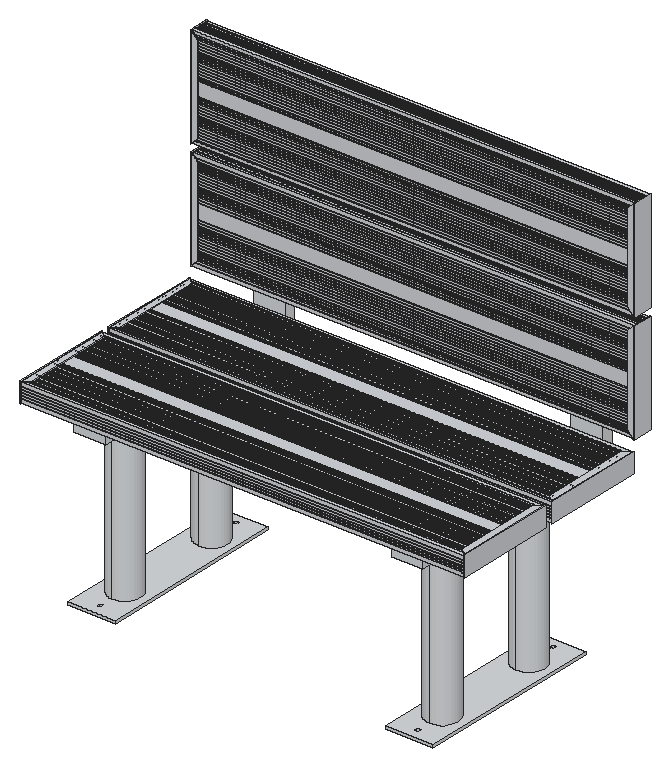
Revit family "Locker_Benches_ADA-Salsbury_Industries-Aluminum_77770_Series", category Specialty Equipment, Revit 2016
Family settings
  Part Type = Normal
  Round Connector Dimension = Use Diameter
  OmniClass Number = 23.40.00.00
  OmniClass Title = Equipment and Furnishings
  Work Plane-Based = No
  Always vertical = Yes
  Cut with Voids When Loaded = No
  Shared = No
  Room Calculation Point = No
Parameters (values of type "77771-ADAB")
  Width = 42.000"
  Vertical Plank Length = Aluminum Bench Plank_77770_Series - Vertical : 42" Wide Plank
  Version = "1.0 (11/16/18)"
  URL = "www.lockers.com"
  Type Comments = "Aluminum ADA Locker Bench with Back Support"
  Secondary Material = Paint - Salsbury Finish - Aluminum
  Seat Height = 18.000"
  Primary Material = Aluminum - Salsbury Finish - Aluminum
  Plank Length = Aluminum Bench Plank_77770_Series : 42" Wide Plank
  Pedestal Top Plate = no
  Pedestal Height Offset = 15.000"
  OmniClass 23 Title = "Equipment and Furnishings"
  OmniClass 23 Number = "23.40.00.00"
  Model = "77771-ADAB"
  MasterFormat Title = "Locker Room Benches"
  MasterFormat Number = "10 51 53"
  Manufacturer = "Salsbury Industries"
  Height = 39.000"
  Description = "Americans with Disabilities Act (ADA) compliant"
  Depth = 23.000"
  Back Support = yes
  Assembly Code = "C1030310"
  ADA Guidelines = "https://www.lockers.com/ada-lockers/"
Reference planes (in)
  plane 1 "Center (Front/Back)": y = 0
  plane 2 "Floor": z = 0
  plane 3 "Center (Left/Right)": x = 0
  plane 4 "Back of Bench": y = -10
  plane 5 "Front Side of Bench": y = 10
  plane 6 "Right Side of Bench": x = 21
  plane 7 "Left Side of Bench": x = -21
  plane 8 "Top of Bench Plank": z = 18
  plane 9 "Bottom of Bench Plank": z = 16.25
  plane 10 "Left Side of Seat Plank": x = -20.937
  plane 11 "Right Side of Seat Plank": x = 20.937
  plane 12: y = -9.937
  plane 13: y = 9.937
  plane 14: x = -20.312
  plane 15: x = 20.312
  plane 16 "Top of Encaps": z = 18.063
  plane 17: y = 9.375
  plane 18: y = -9.375
  plane 19 "Bottom of Endcaps": z = 16.187
  plane 20 "Left Pedestal Center": x = -15
  plane 21 "Right Pedestal Center": x = 15
  plane 22: x = -17.25
  plane 23: x = -12.75
  plane 24: x = 12.75
  plane 25: x = 17.25
  plane 26: y = 9.25
  plane 27: y = -9.25
  plane 28: y = 9
  plane 29: y = -9
  plane 30 "Top of Bottom Pedestal Plate": z = 0.25
  plane 31 "Bottom of Top Pedestal Plate": z = 16
  plane 32: y = -8
  plane 33: y = 8
  plane 34: x = -16.187
  plane 35: x = -13.813
  plane 36: x = 13.813
  plane 37: x = 16.187
  plane 38: x = -16.50135
  plane 39: x = -13.5
  plane 40: x = 13.5
  plane 41: x = 16.5
  plane 42: y = -3.625
  plane 43: y = 3.625
  plane 44: y = -5.125
  plane 45: y = 5.125
  plane 46: y = 13
  plane 47: z = 39
  plane 48: z = 15
  plane 49 "Front of Back Support Pedestal": y = 12
  plane 50: z = 38.25
  plane 51: z = 18.99969
  plane 52 "Pedestal Height Offset Plane": z = 15
  plane 53: y = 6.625
  plane 54: y = -6.625
  plane 55 "Top of Back Support Plank": z = 39
Forms (in)
  Extrusion 1, solid, material "Paint - Salsbury Finish - Aluminum" <- "Secondary Material"
    sketch origin (0, 0, 0) x (1, 0, 0) y (0, 1, 0)
      loop
        line (-17.25, 9) -> (-17.25, -9) -> (-12.75, -9) -> (-12.75, 9) -> (-17.25, 9)
    from 0 to 0.25
  Extrusion 2, solid, material "Paint - Salsbury Finish - Aluminum" <- "Secondary Material", visible <- "Pedestal Top Plate"
    sketch origin (0, 0, 16) x (0, -1, 0) y (1, 0, 0)
      loop
        line (-9.25, -17.25) -> (9.25, -17.25) -> (9.25, -12.75) -> (-9.25, -12.75) -> (-9.25, -17.25)
    from 0 to 0.25
  Extrusion 3, solid, material "Paint - Salsbury Finish - Aluminum" <- "Secondary Material"
    sketch origin (0, 0, 0.25) x (0, -1, 0) y (1, 0, 0)
      loop
        circle (-5.125, -15) r 1.5
      loop
        circle (5.125, -15) r 1.5
    from 0 to 14.75
  Extrusion 4, solid, material "Paint - Salsbury Finish - Aluminum" <- "Secondary Material"
    sketch origin (0, 0, 0) x (-1, 0, 0) y (0, -1, 0)
      loop
        line (-17.25, -9) -> (-12.75, -9) -> (-12.75, 9) -> (-17.25, 9) -> (-17.25, -9)
    from 0 to 0.25
  Extrusion 5, solid, material "Paint - Salsbury Finish - Aluminum" <- "Secondary Material", visible <- "Pedestal Top Plate"
    sketch origin (0, 0, 16) x (0, -1, 0) y (1, 0, 0)
      loop
        line (-9.25, 17.25) -> (-9.25, 12.75) -> (9.25, 12.75) -> (9.25, 17.25) -> (-9.25, 17.25)
    from 0 to 0.25
  Extrusion 6, solid, material "Paint - Salsbury Finish - Aluminum" <- "Secondary Material"
    sketch origin (0, 0, 0.25) x (0, -1, 0) y (1, 0, 0)
      loop
        circle (-5.125, 15) r 1.5
      loop
        circle (5.125, 15) r 1.5
    from 0 to 14.75
  Extrusion 7, void
    sketch origin (0, 0, 0) x (1, 0, 0) y (0, 1, 0)
      loop
        circle (-15, 8) r 0.188
      loop
        circle (-15, -8) r 0.188
    from 0 to 0.25
  Extrusion 8, void
    sketch origin (0, 0, 0) x (-1, 0, 0) y (0, -1, 0)
      loop
        circle (-15, -8) r 0.188
      loop
        circle (-15, 8) r 0.188
    from 0 to 0.25
  Extrusion 9, solid, material "Paint - Salsbury Finish - Aluminum" <- "Secondary Material", visible <- "Back Support"
    sketch origin (15, 0, 0) x (0, -1, 0) y (0, 0, 1)
      loop
        line (9.25, 16.25) -> (-12, 16.25) -> (-12, 38.25) -> (-13, 38.25) -> (-13, 15) -> (9.25, 15) -> (9.25, 16.25)
    from -1.5 to 1.5
  Extrusion 10, solid, material "Paint - Salsbury Finish - Aluminum" <- "Secondary Material", visible <- "Back Support"
    sketch origin (-15, 0, 0) x (0, -1, 0) y (0, 0, -1)
      loop
        line (9.25, -16.25) -> (9.25, -15) -> (-13, -15) -> (-13, -38.25) -> (-12, -38.25) -> (-12, -16.25) -> (9.25, -16.25)
    from -1.50135 to 1.5
Cuts and joins
  Extrusion 7, Extrusion 8 cuts Extrusion 1
  Extrusion 8 cuts Extrusion 4
Lines and regions (in)
  symbolic lines, visible <- "Pedestal Top Plate"
    curve 1: line (-17.25, -0.375, 0) -> (-17.25, 0.375, 0)
    curve 2: line (-12.75, -0.375, 0) -> (-12.75, 0.375, 0)
    curve 5: line (12.75, -0.375, 0) -> (12.75, 0.375, 0)
    curve 6: line (17.25, -0.375, 0) -> (17.25, 0.375, 0)
    curve 27: line (17.25, 12, 16.25) -> (17.25, 12, 16)
    curve 28: line (12.75, 12, 16.25) -> (12.75, 12, 16)
    curve 29: line (12.75, 12, 16) -> (17.25, 12, 16)
    curve 35: line (-17.25, 12, 16) -> (-17.25, 12, 16.25)
    curve 36: line (-12.75, 12, 16) -> (-12.75, 12, 16.25)
    curve 37: line (-17.25, 12, 16) -> (-12.75, 12, 16)
    curve 51: line (15, -9.25, 16) -> (15, -9.25, 16.187)
    curve 52: line (15, -9.25, 16) -> (15, 9.25, 16)
    curve 53: line (15, 9.25, 16.187) -> (15, 9.25, 16)
  symbolic lines, visible <- "Back Support"
    curve 3: line (-16.50135, -0.375, 0) -> (-16.50135, 0.375, 0)
    curve 4: line (-13.5, -0.375, 0) -> (-13.5, 0.375, 0)
    curve 7: line (13.5, -0.375, 0) -> (13.5, 0.375, 0)
    curve 8: line (16.5, -0.375, 0) -> (16.5, 0.375, 0)
    curve 9: line (-16.50135, 13, 0) -> (-16.50135, 12, 0)
    curve 10: line (-13.5, 13, 0) -> (-13.5, 12, 0)
    curve 11: line (-16.50135, 13, 0) -> (-13.5, 13, 0)
    curve 12: line (13.5, 13, 0) -> (13.5, 12, 0)
    curve 13: line (16.5, 13, 0) -> (16.5, 12, 0)
    curve 14: line (13.5, 13, 0) -> (16.5, 13, 0)
    curve 30: line (13.5, 12, 15) -> (13.5, 12, 16.25)
    curve 31: line (16.5, 12, 15) -> (16.5, 12, 16.25)
    curve 32: line (13.5, 12, 15) -> (16.5, 12, 15)
    curve 33: line (16.5, 12, 18) -> (16.5, 12, 18.99969)
    curve 34: line (13.5, 12, 18) -> (13.5, 12, 18.99969)
    curve 38: line (-16.50135, 12, 15) -> (-16.50135, 12, 16.25)
    curve 39: line (-13.5, 12, 15) -> (-13.5, 12, 16.25)
    curve 40: line (-16.50135, 12, 15) -> (-13.5, 12, 15)
    curve 41: line (-16.50135, 12, 18) -> (-16.50135, 12, 18.99969)
    curve 42: line (-13.5, 12, 18) -> (-13.5, 12, 18.99969)
    curve 43: line (16.5, 12, 28.62469) -> (16.5, 12, 29.375)
    curve 44: line (13.5, 12, 28.62469) -> (13.5, 12, 29.375)
    curve 45: line (-16.50135, 12, 28.62469) -> (-16.50135, 12, 29.375)
    curve 46: line (-13.5, 12, 28.62469) -> (-13.5, 12, 29.375)
    curve 54: line (15, -9.25, 16.1756) -> (15, -9.25, 15)
    curve 55: line (15, -9.25, 15) -> (15, 13, 15)
    curve 56: line (15, 13, 15) -> (15, 13, 38.25)
    curve 57: line (15, 13, 38.25) -> (15, 12, 38.25)
    curve 58: line (15, 12, 29.375) -> (15, 12, 28.62469)
    curve 59: line (15, 12, 18.99969) -> (15, 12, 16.25)
    curve 60: line (15, 12, 16.25) -> (15, 10, 16.25)
  symbolic lines
    curve 15: line (-17.25, 12, 0.25) -> (-12.75, 12, 0.25)
    curve 16: line (-17.25, 12, 0) -> (-17.25, 12, 0.25)
    curve 17: line (-12.75, 12, 0) -> (-17.25, 12, 0)
    curve 18: line (-12.75, 12, 0.25) -> (-12.75, 12, 0)
    curve 19: line (12.75, 12, 0.25) -> (17.25, 12, 0.25)
    curve 20: line (12.75, 12, 0) -> (12.75, 12, 0.25)
    curve 21: line (17.25, 12, 0) -> (12.75, 12, 0)
    curve 22: line (17.25, 12, 0.25) -> (17.25, 12, 0)
    curve 23: line (-16.50135, 12, 0.25) -> (-16.50135, 12, 15)
    curve 24: line (-13.5, 12, 0.25) -> (-13.5, 12, 15)
    curve 25: line (13.5, 12, 0.25) -> (13.5, 12, 15)
    curve 26: line (16.5, 12, 0.25) -> (16.5, 12, 15)
    curve 47: line (15, -6.625, 0.25) -> (15, -6.625, 15)
    curve 48: line (15, -3.625, 0.25) -> (15, -3.625, 15)
    curve 49: line (15, 3.625, 0.25) -> (15, 3.625, 15)
    curve 50: line (15, 6.625, 0.25) -> (15, 6.625, 15)
    curve 61: line (15, 0.375, 16.187) -> (15, -0.375, 16.187)
Dimensions and locks (in)
  equal spacing: plane 7 "Left Side of Bench", plane 3 "Center (Left/Right)", plane 6 "Right Side of Bench"
  "Width": plane 7 "Left Side of Bench" to plane 6 "Right Side of Bench"
  equal spacing: plane 4 "Back of Bench", plane 1 "Center (Front/Back)", plane 5 "Front Side of Bench"
  "Depth": plane 4 "Back of Bench" to plane 46
  "Seat Height": plane 8 "Top of Bench Plank" to plane 2 "Floor"
  plane 9 "Bottom of Bench Plank" to plane 8 "Top of Bench Plank" to plane 51 = 1.750" locked, 0.99969" locked
  locked: plane 7 "Left Side of Bench" to plane 10 "Left Side of Seat Plank" at 0.063
  locked: plane 11 "Right Side of Seat Plank" to plane 6 "Right Side of Bench" at 0.063
  locked: plane 4 "Back of Bench" to plane 12 at 0.063
  locked: plane 13 to plane 5 "Front Side of Bench" at 0.063
  locked: plane 7 "Left Side of Bench" to plane 14 at 0.688
  locked: plane 15 to plane 6 "Right Side of Bench" at 0.688
  locked: plane 8 "Top of Bench Plank" to plane 16 "Top of Encaps" at 0.063
  locked: plane 17 to plane 5 "Front Side of Bench" at 0.625
  locked: plane 4 "Back of Bench" to plane 18 at 0.625
  locked: plane 9 "Bottom of Bench Plank" to plane 19 "Bottom of Endcaps" at 0.063
  plane 7 "Left Side of Bench" to plane 20 "Left Pedestal Center" = 6.000"
  plane 21 "Right Pedestal Center" to plane 6 "Right Side of Bench" = 6.000"
  plane 24 to plane 21 "Right Pedestal Center" to plane 25 = 2.250" locked, 2.250" locked
  plane 22 to plane 20 "Left Pedestal Center" to plane 23 = 2.250" locked, 2.250" locked
  plane 27 to plane 1 "Center (Front/Back)" to plane 26 = 9.250" locked, 9.250" locked
  plane 29 to plane 1 "Center (Front/Back)" to plane 28 = 9.000" locked, 9.000" locked
  locked: plane 30 "Top of Bottom Pedestal Plate" to plane 2 "Floor" at 0.25
  locked: plane 9 "Bottom of Bench Plank" to plane 31 "Bottom of Top Pedestal Plate" at 0.25
  locked: plane 33 to plane 28 at 1
  locked: plane 29 to plane 32 at 1
  locked: plane 22 to plane 34 at 1.063
  locked: plane 35 to plane 23 at 1.063
  locked: plane 24 to plane 36 at 1.063
  locked: plane 37 to plane 25 at 1.063
  locked: plane 22 to plane 38 at 0.74865
  locked: plane 39 to plane 23 at 0.75
  locked: plane 24 to plane 40 at 0.75
  locked: plane 41 to plane 25 at 0.75
  locked: plane 45 to plane 28 at 3.875
  locked: plane 29 to plane 44 at 3.875
  "Height": plane 47 to plane 2 "Floor"
  plane 40 to plane 41 = 3.000"
  plane 38 to plane 39 = 3.00135"
  plane 49 "Front of Back Support Pedestal" to plane 46 = 1.000"
  locked: plane 48 to plane 31 "Bottom of Top Pedestal Plate" at 1
  "Pedestal Height Offset": plane 52 "Pedestal Height Offset Plane" to plane 2 "Floor"
  plane 54 to plane 44 to plane 42 = 1.500", 1.500"
  plane 43 to plane 45 to plane 53 = 1.500", 1.500"
  locked: plane 50 to plane 55 "Top of Back Support Plank" at 0.75
  aligned and locked: plane 2 "Floor" to level
  aligned and locked: plane 28 to Extrusion 1 sketch curve
  aligned and locked: Extrusion 1 sketch curve to plane 22
  aligned and locked: Extrusion 1 sketch curve to plane 29
  aligned and locked: plane 23 to Extrusion 1 sketch curve
  aligned and locked: Extrusion 1 to plane 30 "Top of Bottom Pedestal Plate"
  aligned and locked: Extrusion 1 to plane 2 "Floor"
  aligned and locked: Extrusion 2 sketch curve to plane 26
  aligned and locked: plane 22 to Extrusion 2 sketch curve
  aligned and locked: plane 27 to Extrusion 2 sketch curve
  aligned and locked: Extrusion 2 sketch curve to plane 23
  aligned and locked: plane 31 "Bottom of Top Pedestal Plate" to Extrusion 2
  aligned and locked: Extrusion 2 to plane 9 "Bottom of Bench Plank"
  aligned and locked: plane 20 "Left Pedestal Center" to Extrusion 3 sketch curve  (x2)
  aligned and locked: plane 30 "Top of Bottom Pedestal Plate" to Extrusion 3
  aligned and locked: Extrusion 4 sketch curve to plane 28
  aligned and locked: plane 24 to Extrusion 4 sketch curve
  aligned and locked: Extrusion 4 sketch curve to plane 25
  aligned and locked: plane 29 to Extrusion 4 sketch curve
  aligned and locked: Extrusion 4 to plane 2 "Floor"
  aligned and locked: plane 24 to Extrusion 5 sketch curve
  aligned and locked: Extrusion 5 sketch curve to plane 26
  aligned and locked: plane 27 to Extrusion 5 sketch curve
  aligned and locked: Extrusion 5 sketch curve to plane 25
  aligned and locked: Extrusion 5 to plane 9 "Bottom of Bench Plank"
  aligned and locked: plane 31 "Bottom of Top Pedestal Plate" to Extrusion 5
  aligned and locked: plane 21 "Right Pedestal Center" to Extrusion 6 sketch curve  (x2)
  aligned and locked: plane 33 to Extrusion 7 sketch curve
  aligned and locked: plane 32 to Extrusion 7 sketch curve
  aligned and locked: Extrusion 7 to plane 30 "Top of Bottom Pedestal Plate"
  aligned and locked: Extrusion 7 to plane 2 "Floor"
  aligned and locked: Extrusion 8 to plane 2 "Floor"
  aligned and locked: Extrusion 8 to plane 30 "Top of Bottom Pedestal Plate"
  aligned and locked: plane 33 to Extrusion 8 sketch curve
  aligned and locked: plane 32 to Extrusion 8 sketch curve
  aligned and locked: plane 30 "Top of Bottom Pedestal Plate" to Extrusion 6
  aligned and locked: plane 20 "Left Pedestal Center" to Extrusion 7 sketch curve  (x2)
  aligned and locked: plane 21 "Right Pedestal Center" to Extrusion 8 sketch curve  (x2)
  aligned and locked: plane 45 to Extrusion 3 sketch curve
  aligned and locked: plane 44 to Extrusion 3 sketch curve
  aligned and locked: plane 45 to Extrusion 6 sketch curve
  aligned and locked: plane 44 to Extrusion 6 sketch curve
  aligned and locked: plane 4 "Back of Bench" to nested 1
  aligned and locked: plane 7 "Left Side of Bench" to nested 1
  aligned and locked: plane 7 "Left Side of Bench" to nested 2
  aligned and locked: plane 5 "Front Side of Bench" to nested 2
  aligned and locked: Extrusion 9 to plane 41
  aligned and locked: plane 40 to Extrusion 9
  aligned and locked: plane 9 "Bottom of Bench Plank" to Extrusion 9 sketch curve
  aligned and locked: plane 27 to Extrusion 9 sketch curve
  aligned and locked: plane 48 to Extrusion 9 sketch curve
  aligned and locked: Extrusion 9 sketch curve to plane 50
  aligned and locked: Extrusion 9 sketch curve to plane 49 "Front of Back Support Pedestal"
  aligned and locked: Extrusion 9 sketch curve to plane 46
  aligned and locked: Extrusion 10 to plane 39
  aligned and locked: plane 38 to Extrusion 10
  aligned and locked: Extrusion 10 sketch curve to plane 50
  aligned and locked: Extrusion 10 sketch curve to plane 49 "Front of Back Support Pedestal"
  aligned and locked: Extrusion 10 sketch curve to plane 46
  aligned and locked: plane 27 to Extrusion 10 sketch curve
  aligned and locked: plane 48 to Extrusion 10 sketch curve
  aligned and locked: plane 9 "Bottom of Bench Plank" to Extrusion 10 sketch curve
  aligned and locked: nested 2 to plane 16 "Top of Encaps"
  aligned and locked: nested 1 to plane 16 "Top of Encaps"
  aligned and locked: plane 49 "Front of Back Support Pedestal" to nested 3
  aligned and locked: plane 49 "Front of Back Support Pedestal" to nested 4
  aligned and locked: nested 4 to plane 51
  aligned and locked: curve 1 to plane 22
  aligned and locked: curve 2 to plane 23
  aligned and locked: curve 3 to plane 38
  aligned and locked: curve 4 to plane 39
  aligned and locked: curve 5 to plane 24
  aligned and locked: curve 6 to plane 25
  aligned and locked: curve 7 to plane 40
  aligned and locked: curve 8 to plane 41
  aligned and locked: plane 46 to curve 9
  aligned and locked: plane 49 "Front of Back Support Pedestal" to curve 9
  aligned and locked: plane 46 to curve 10
  aligned and locked: plane 49 "Front of Back Support Pedestal" to curve 10
  aligned and locked: plane 38 to curve 9
  aligned and locked: plane 39 to curve 10
  aligned and locked: plane 46 to curve 12
  aligned and locked: plane 49 "Front of Back Support Pedestal" to curve 12
  aligned and locked: plane 46 to curve 13
  aligned and locked: plane 49 "Front of Back Support Pedestal" to curve 13
  aligned and locked: plane 41 to curve 13
  aligned and locked: plane 40 to curve 12
  aligned and locked: plane 2 "Floor" to curve 17
  aligned and locked: plane 23 to curve 18
  aligned and locked: curve 16 to plane 22
  aligned and locked: plane 30 "Top of Bottom Pedestal Plate" to curve 15
  aligned and locked: plane 2 "Floor" to curve 21
  aligned and locked: plane 25 to curve 22
  aligned and locked: curve 20 to plane 24
  aligned and locked: plane 30 "Top of Bottom Pedestal Plate" to curve 19
  aligned and locked: Extrusion 3 to plane 52 "Pedestal Height Offset Plane"
  aligned and locked: Extrusion 6 to plane 52 "Pedestal Height Offset Plane"
  aligned and locked: plane 30 "Top of Bottom Pedestal Plate" to curve 23
  aligned and locked: plane 52 "Pedestal Height Offset Plane" to curve 23
  aligned and locked: plane 52 "Pedestal Height Offset Plane" to curve 24
  aligned and locked: curve 23 to plane 38
  aligned and locked: curve 24 to plane 39
  aligned and locked: plane 30 "Top of Bottom Pedestal Plate" to curve 25
  aligned and locked: plane 52 "Pedestal Height Offset Plane" to curve 25
  aligned and locked: plane 52 "Pedestal Height Offset Plane" to curve 26
  aligned and locked: curve 25 to plane 40
  aligned and locked: curve 26 to plane 41
  aligned and locked: plane 9 "Bottom of Bench Plank" to curve 27
  aligned and locked: plane 31 "Bottom of Top Pedestal Plate" to curve 27
  aligned and locked: plane 9 "Bottom of Bench Plank" to curve 28
  aligned and locked: plane 24 to curve 28
  aligned and locked: plane 25 to curve 27
  aligned and locked: curve 29 to Extrusion 5
  aligned and locked: plane 48 to curve 30
  aligned and locked: plane 9 "Bottom of Bench Plank" to curve 30
  aligned and locked: plane 48 to curve 31
  aligned and locked: plane 9 "Bottom of Bench Plank" to curve 31
  aligned and locked: curve 31 to plane 41
  aligned and locked: curve 30 to plane 40
  aligned and locked: plane 8 "Top of Bench Plank" to curve 33
  aligned and locked: plane 51 to curve 33
  aligned and locked: plane 8 "Top of Bench Plank" to curve 34
  aligned and locked: plane 51 to curve 34
  aligned and locked: curve 34 to plane 40
  aligned and locked: curve 33 to plane 41
  aligned and locked: plane 9 "Bottom of Bench Plank" to curve 35
  aligned and locked: plane 31 "Bottom of Top Pedestal Plate" to curve 36
  aligned and locked: plane 9 "Bottom of Bench Plank" to curve 36
  aligned and locked: curve 35 to plane 22
  aligned and locked: curve 36 to plane 23
  aligned and locked: curve 37 to Extrusion 2
  aligned and locked: plane 48 to curve 38
  aligned and locked: plane 9 "Bottom of Bench Plank" to curve 38
  aligned and locked: plane 48 to curve 39
  aligned and locked: plane 9 "Bottom of Bench Plank" to curve 39
  aligned and locked: curve 39 to plane 39
  aligned and locked: curve 38 to plane 38
  aligned and locked: plane 8 "Top of Bench Plank" to curve 41
  aligned and locked: plane 51 to curve 41
  aligned and locked: plane 8 "Top of Bench Plank" to curve 42
  aligned and locked: plane 51 to curve 42
  aligned and locked: curve 42 to plane 39
  aligned and locked: curve 41 to plane 38
  aligned and locked: plane 40 to curve 44
  aligned and locked: plane 41 to curve 43
  aligned and locked: plane 38 to curve 45
  aligned and locked: plane 39 to curve 46
  aligned and locked: plane 30 "Top of Bottom Pedestal Plate" to curve 47
  aligned and locked: plane 52 "Pedestal Height Offset Plane" to curve 47
  aligned and locked: plane 30 "Top of Bottom Pedestal Plate" to curve 48
  aligned and locked: plane 52 "Pedestal Height Offset Plane" to curve 48
  aligned and locked: plane 30 "Top of Bottom Pedestal Plate" to curve 49
  aligned and locked: plane 52 "Pedestal Height Offset Plane" to curve 49
  aligned and locked: plane 30 "Top of Bottom Pedestal Plate" to curve 50
  aligned and locked: plane 52 "Pedestal Height Offset Plane" to curve 50
  aligned and locked: curve 50 to plane 53
  aligned and locked: curve 49 to plane 43
  aligned and locked: curve 48 to plane 42
  aligned and locked: curve 47 to plane 54
  aligned and locked: plane 31 "Bottom of Top Pedestal Plate" to curve 51
  aligned and locked: plane 19 "Bottom of Endcaps" to curve 51
  aligned and locked: plane 26 to curve 53
  aligned and locked: plane 31 "Bottom of Top Pedestal Plate" to curve 53
  aligned and locked: curve 53 to plane 19 "Bottom of Endcaps"
  aligned and locked: plane 27 to curve 54
  aligned and locked: plane 27 to curve 55
  aligned and locked: plane 48 to curve 55
  aligned and locked: curve 56 to Extrusion 9
  aligned and locked: curve 57 to Extrusion 9
  aligned and locked: plane 49 "Front of Back Support Pedestal" to curve 58
  aligned and locked: nested 4 to curve 59
  aligned and locked: curve 60 to Extrusion 9
  aligned and locked: plane 19 "Bottom of Endcaps" to curve 61
  aligned and locked: plane 55 "Top of Back Support Plank" to nested 3
Automatic sketch dimensions
  curve 4 to plane 1 "Center (Front/Back)" = 0.375"
  curve 8 to plane 1 "Center (Front/Back)" = 0.375"
  curve 1 to plane 1 "Center (Front/Back)" = 0.375"
  curve 7 to plane 1 "Center (Front/Back)" = 0.375"
  curve 2 to plane 1 "Center (Front/Back)" = 0.375"
  curve 6 to plane 1 "Center (Front/Back)" = 0.375"
  curve 3 to plane 1 "Center (Front/Back)" = 0.375"
  curve 5 to plane 1 "Center (Front/Back)" = 0.375"
  plane 1 "Center (Front/Back)" to curve 5 = 0.375"
  plane 1 "Center (Front/Back)" to curve 4 = 0.375"
  plane 1 "Center (Front/Back)" to curve 6 = 0.375"
  plane 1 "Center (Front/Back)" to curve 3 = 0.375"
  plane 1 "Center (Front/Back)" to curve 7 = 0.375"
  plane 1 "Center (Front/Back)" to curve 2 = 0.375"
  plane 1 "Center (Front/Back)" to curve 8 = 0.375"
  plane 1 "Center (Front/Back)" to curve 1 = 0.375"
  curve 46 to plane 51 = 9.625"
  curve 43 to curve 33 = 9.625"
  curve 45 to curve 46 = 0.000"
  curve 44 to curve 43 = 0.000"
  curve 46 to curve 46 = 0.75031"
  curve 44 to curve 44 = 0.75031"
  curve 45 to curve 45 = 0.75031"
  curve 43 to curve 43 = 0.75031"
  curve 57 to plane 49 "Front of Back Support Pedestal" = 0.000"
  curve 60 to plane 5 "Front Side of Bench" = 0.000"
  curve 52 to plane 27 = 0.000"
  plane 51 to curve 59 = 0.000"
  curve 61 to plane 1 "Center (Front/Back)" = 0.375"
  plane 1 "Center (Front/Back)" to curve 61 = 0.375"
  curve 54 to curve 51 = 0.0114"
  curve 58 to plane 51 = 9.625"
  curve 58 to curve 58 = 0.75031"
  radius of Extrusion 3 sketch curve = 1.500"  (x2)
  radius of Extrusion 6 sketch curve = 1.500"  (x2)
  radius of Extrusion 7 sketch curve = 0.188"  (x2)
  radius of Extrusion 8 sketch curve = 0.188"  (x2)
Nested families (in)
  nested 1: "Aluminum Bench Plank_77770_Series" at (0, -5.1875, 16.187), type <- "Plank Length", type "42" Wide Plank"
  nested 2: "Aluminum Bench Plank_77770_Series" at (0, 5.1875, 16.187), type <- "Plank Length", type "42" Wide Plank"
  nested 3: "Aluminum Bench Plank_77770_Series - Vertical" at (0, 11.05008, 27.71731), visible <- "Back Support", type <- "Vertical Plank Length", type "42" Wide Plank"
  nested 4: "Aluminum Bench Plank_77770_Series - Vertical" at (0, 11.05008, 17.342), visible <- "Back Support", type <- "Vertical Plank Length", type "42" Wide Plank"
Definition of nested family "Aluminum Bench Plank_77770_Series"
  Parameters (values of type "48" Wide Plank")
    Width = 48.000"
    Version = "1.0 (11/16/18)"
    URL = "www.lockers.com"
    Type Comments = "Aluminum Locker Bench Plank"
    Secondary Material = none
    Primary Material = none
    OmniClass 23 Title = "Equipment and Furnishings"
    OmniClass 23 Number = "23.40.00.00"
    Model = ""
    MasterFormat Title = "Locker Room Benches"
    MasterFormat Number = "10 51 53"
    Manufacturer = "Salsbury Industries"
    Description = "48 Inches Wide"
    Depth = 9.625"
    Assembly Code = "C1030310"
  Types (2): name | Width | Description
    42" Wide Plank | 42.000" | "42 Inches Wide"
    48" Wide Plank | 48.000" | "48 Inches Wide"
  Reference planes (in)
    plane 1 "Center (Front/Back)": y = 0
    plane 2 "Floor": z = 0
    plane 3 "Center (Left/Right)": x = 0
    plane 4 "Back of Bench": y = -4.8125
    plane 5 "Front Side of Bench": y = 4.8125
    plane 6 "Right Side of Bench": x = 24
    plane 7 "Left Side of Bench": x = -24
    plane 8 "Top of Bench": z = 1.813
    plane 9: z = 0.063
    plane 10: y = -0.656
    plane 11: y = 0.656
    plane 12: y = -4.5
    plane 13: y = 4.5
    plane 14: y = -4.2349
    plane 15: z = 1.7505
    plane 16: y = -4.10234
    plane 17: y = -3.96979
    plane 18: y = -3.83724
    plane 19: y = -3.70469
    plane 20: y = -3.57214
    plane 21: y = -3.43959
    plane 22: y = -3.30703
    plane 23: y = -3.17448
    plane 24: y = -3.04193
    plane 25: y = -2.90938
    plane 26: y = -2.77683
    plane 27: y = -2.64428
    plane 28: y = -2.51172
    plane 29: y = -2.37917
    plane 30: y = -2.24662
    plane 31: y = -2.11407
    plane 32: y = -1.98152
    plane 33: y = -1.84897
    plane 34: y = -1.71641
    plane 35: y = -1.58386
    plane 36: y = -1.45131
    plane 37: y = -1.31876
    plane 38: y = -1.18621
    plane 39: y = -1.05366
    plane 40: y = -0.9211
    plane 41: y = 1.05366
    plane 42: y = 1.18621
    plane 43: y = 1.31876
    plane 44: y = 1.45131
    plane 45: y = 1.58386
    plane 46: y = 1.71641
    plane 47: y = 1.84897
    plane 48: y = 1.98152
    plane 49: y = 2.11407
    plane 50: y = 2.24662
    plane 51: y = 2.37917
    plane 52: y = 2.51172
    plane 53: y = 2.64428
    plane 54: y = 2.77683
    plane 55: y = 2.90938
    plane 56: y = 3.04193
    plane 57: y = 3.17448
    plane 58: y = 3.30703
    plane 59: y = 3.43959
    plane 60: y = 3.57214
    plane 61: y = 3.70469
    plane 62: y = 3.83724
    plane 63: y = 3.96979
    plane 64: y = 4.10234
    plane 65: y = 4.2349
    plane 66: y = 4.36745
    plane 67 "Left Side of Seat Plank": x = -23.937
    plane 68 "Right Side of Seat Plank": x = 23.937
    plane 69: z = 1.5
    plane 70: z = 1.37511
    plane 71: z = 1.25022
    plane 72: z = 1.12533
    plane 73: z = 1.00044
    plane 74: z = 0.87556
    plane 75: z = 0.75067
    plane 76: z = 0.62578
    plane 77: z = 0.376
    plane 78: y = -4.7495
    plane 79: y = 4.7495
    plane 80: z = 0.50089
    plane 81: y = -0.78855
    plane 82: y = 0.9211
    plane 83: y = 0.78855
    plane 84: y = -4.36745
    plane 85: x = -23.312
    plane 86: x = 23.312
    plane 87 "Top of Encaps": z = 1.876
    plane 88: y = 4.1875
    plane 89: y = -4.1875
    plane 90 "Bottom of Endcaps": z = 0
    plane 91 "Left Pedestal Center": x = -18
    plane 92 "Right Pedestal Center": x = 18
    plane 93: x = -20.25
    plane 94: x = -15.75
    plane 95: x = 15.75
    plane 96: x = 20.25
    plane 97: y = 4.25
    plane 98: y = -4.25
    plane 99: y = 5.5
    plane 100: y = -5.5
    plane 101: y = -4
    plane 102: y = 4
    plane 103: x = -19.187
    plane 104: x = -16.813
    plane 105: x = 16.813
    plane 106: x = 19.187
    plane 107: x = -19.50135
    plane 108: x = -16.5
    plane 109: x = 16.5
    plane 110: x = 19.5
    plane 111: y = -1.49831
    plane 112: y = 1.5
  Forms (in)
    Extrusion 1, solid, material <- "Primary Material"
      sketch origin (0, 0, -16.187) x (0, 1, 0) y (0, 0, 1)
        loop
          line (-4.8125, 18) -> (-4.8125, 17.687) -> (-4.7495, 17.687) -> (-4.7495, 17.56211) -> (-4.8125, 17.56211) -> (-4.8125, 17.43722) -> (-4.7495, 17.43722) -> (-4.7495, 17.31233) -> (-4.8125, 17.31233) -> (-4.8125, 17.18744) -> (-4.7495, 17.18744) -> (-4.7495, 17.06256) -> (-4.8125, 17.06256) -> (-4.8125, 16.93767) -> (-4.7495, 16.93767) -> (-4.7495, 16.81278) -> (-4.8125, 16.81278) -> (-4.8125, 16.68789) -> (-4.7495, 16.68789) -> (-4.7495, 16.563) -> (-4.8125, 16.563) -> (-4.8125, 16.25) -> (4.8125, 16.25) -> (4.8125, 16.563) -> (4.7495, 16.563) -> (4.7495, 16.68789) -> (4.8125, 16.68789) -> (4.8125, 16.81278) -> (4.7495, 16.81278) -> (4.7495, 16.93767) -> (4.8125, 16.93767) -> (4.8125, 17.06256) -> (4.7495, 17.06256) -> (4.7495, 17.18744) -> (4.8125, 17.18744) -> (4.8125, 17.31233) -> (4.7495, 17.31233) -> (4.7495, 17.43722) -> (4.8125, 17.43722) -> (4.8125, 17.56211) -> (4.7495, 17.56211) -> (4.7495, 17.687) -> (4.8125, 17.687) -> (4.8125, 18) -> (4.5, 18) -> (4.5, 17.9375) -> (4.36745, 17.9375) -> (4.36745, 18) -> (4.2349, 18) -> (4.2349, 17.9375) -> (4.10234, 17.9375) -> (4.10234, 18) -> (3.96979, 18) -> (3.96979, 17.9375) -> (3.83724, 17.9375) -> (3.83724, 18) -> (3.70469, 18) -> (3.70469, 17.9375) -> (3.57214, 17.9375) -> (3.57214, 18) -> (3.43959, 18) -> (3.43959, 17.9375) -> (3.30703, 17.9375) -> (3.30703, 18) -> (3.17448, 18) -> (3.17448, 17.9375) -> (3.04193, 17.9375) -> (3.04193, 18) -> (2.90938, 18) -> (2.90938, 17.9375) -> (2.77683, 17.9375) -> (2.77683, 18) -> (2.64428, 18) -> (2.64428, 17.9375) -> (2.51172, 17.9375) -> (2.51172, 18) -> (2.37917, 18) -> (2.37917, 17.9375) -> (2.24662, 17.9375) -> (2.24662, 18) -> (2.11407, 18) -> (2.11407, 17.9375) -> (1.98152, 17.9375) -> (1.98152, 18) -> (1.84897, 18) -> (1.84897, 17.9375) -> (1.71641, 17.9375) -> (1.71641, 18) -> (1.58386, 18) -> (1.58386, 17.9375) -> (1.45131, 17.9375) -> (1.45131, 18) -> (1.31876, 18) -> (1.31876, 17.9375) -> (1.18621, 17.9375) -> (1.18621, 18) -> (1.05366, 18) -> (1.05366, 17.9375) -> (0.9211, 17.9375) -> (0.9211, 18) -> (0.78855, 18) -> (0.78855, 17.9375) -> (0.656, 17.9375) -> (0.656, 18) -> (-0.656, 18) -> (-0.656, 17.9375) -> (-0.78855, 17.9375) -> (-0.78855, 18) -> (-0.9211, 18) -> (-0.9211, 17.9375) -> (-1.05366, 17.9375) -> (-1.05366, 18) -> (-1.18621, 18) -> (-1.18621, 17.9375) -> (-1.31876, 17.9375) -> (-1.31876, 18) -> (-1.45131, 18) -> (-1.45131, 17.9375) -> (-1.58386, 17.9375) -> (-1.58386, 18) -> (-1.71641, 18) -> (-1.71641, 17.9375) -> (-1.84897, 17.9375) -> (-1.84897, 18) -> (-1.98152, 18) -> (-1.98152, 17.9375) -> (-2.11407, 17.9375) -> (-2.11407, 18) -> (-2.24662, 18) -> (-2.24662, 17.9375) -> (-2.37917, 17.9375) -> (-2.37917, 18) -> (-2.51172, 18) -> (-2.51172, 17.9375) -> (-2.64428, 17.9375) -> (-2.64428, 18) -> (-2.77683, 18) -> (-2.77683, 17.9375) -> (-2.90938, 17.9375) -> (-2.90938, 18) -> (-3.04193, 18) -> (-3.04193, 17.9375) -> (-3.17448, 17.9375) -> (-3.17448, 18) -> (-3.30703, 18) -> (-3.30703, 17.9375) -> (-3.43959, 17.9375) -> (-3.43959, 18) -> (-3.57214, 18) -> (-3.57214, 17.9375) -> (-3.70469, 17.9375) -> (-3.70469, 18) -> (-3.83724, 18) -> (-3.83724, 17.9375) -> (-3.96979, 17.9375) -> (-3.96979, 18) -> (-4.10234, 18) -> (-4.10234, 17.9375) -> (-4.2349, 17.9375) -> (-4.2349, 18) -> (-4.36745, 18) -> (-4.36745, 17.9375) -> (-4.5, 17.9375) -> (-4.5, 18) -> (-4.8125, 18)
      from -23.937 to 23.937
    Extrusion 2, solid, material <- "Primary Material"
      sketch origin (-24, 0, -16.187) x (0, -1, 0) y (0, 0, 1)
        loop
          line (4.8125, 18.063) -> (-4.8125, 18.063) -> (-4.8125, 16.187) -> (4.8125, 16.187) -> (4.8125, 18.063)
      from 0 to -0.063
    Extrusion 3, solid, material <- "Primary Material"
      sketch origin (24, 0, -16.187) x (0, -1, 0) y (0, 0, 1)
        loop
          line (4.8125, 18.063) -> (-4.8125, 18.063) -> (-4.8125, 16.187) -> (4.8125, 16.187) -> (4.8125, 18.063)
      from 0 to 0.063
    Extrusion 4, solid, material <- "Primary Material"
      sketch origin (0, 0, 1.876) x (0, -1, 0) y (1, 0, 0)
        loop
          line (-4.8125, -23.937) -> (4.8125, -23.937) -> (4.1875, -23.312) -> (-4.1875, -23.312) -> (-4.8125, -23.937)
      from 0 to -0.063
    Extrusion 5, solid, material <- "Primary Material", detail levels fine
      sketch origin (0, 0, 0) x (0, -1, 0) y (1, 0, 0)
        loop
          line (-4.8125, -23.937) -> (4.8125, -23.937) -> (4.1875, -23.312) -> (-4.1875, -23.312) -> (-4.8125, -23.937)
      from 0.063 to 0
    Extrusion 6, solid, material <- "Primary Material"
      sketch origin (0, 0, 1.876) x (0, -1, 0) y (1, 0, 0)
        loop
          line (-4.8125, 23.937) -> (-4.1875, 23.312) -> (4.1875, 23.312) -> (4.8125, 23.937) -> (-4.8125, 23.937)
      from 0 to -0.063
    Extrusion 7, solid, material <- "Primary Material", detail levels fine
      sketch origin (0, 0, 0) x (0, -1, 0) y (1, 0, 0)
        loop
          line (-4.8125, 23.937) -> (-4.1875, 23.312) -> (4.1875, 23.312) -> (4.8125, 23.937) -> (-4.8125, 23.937)
      from 0.063 to 0
  Lines and regions (in)
    symbolic lines
      curve 1: line (-24, 4.8125, 0) -> (24, 4.8125, 0)
      curve 2: line (-24, -4.8125, 0) -> (-24, 4.8125, 0)
      curve 3: line (24, -4.8125, 0) -> (-24, -4.8125, 0)
      curve 4: line (24, 4.8125, 0) -> (24, -4.8125, 0)
      curve 5: line (-24, 0, 1.813) -> (24, 0, 1.813)
      curve 6: line (-24, 0, 0.063) -> (-24, 0, 1.813)
      curve 7: line (24, 0, 0.063) -> (-24, 0, 0.063)
      curve 8: line (24, 0, 1.813) -> (24, 0, 0.063)
      curve 9: line (24, -4.8125, 1.876) -> (24, 4.8125, 1.876)
      curve 10: line (24, -4.8125, 0) -> (24, -4.8125, 1.876)
      curve 11: line (24, 4.8125, 0) -> (24, -4.8125, 0)
      curve 12: line (24, 4.8125, 1.876) -> (24, 4.8125, 0)
  Dimensions and locks (in)
    equal spacing: plane 7 "Left Side of Bench", plane 3 "Center (Left/Right)", plane 6 "Right Side of Bench"
    "Width": plane 7 "Left Side of Bench" to plane 6 "Right Side of Bench"
    equal spacing: plane 4 "Back of Bench", plane 1 "Center (Front/Back)", plane 5 "Front Side of Bench"
    "Depth": plane 4 "Back of Bench" to plane 5 "Front Side of Bench"
    locked: plane 9 to plane 8 "Top of Bench" at 1.75
    plane 10 to plane 1 "Center (Front/Back)" to plane 11 = 0.656" locked, 0.656" locked
    locked: plane 4 "Back of Bench" to plane 12 at 0.3125
    locked: plane 13 to plane 5 "Front Side of Bench" at 0.3125
    locked: plane 15 to plane 8 "Top of Bench" at 0.0625
    equal spacing: plane 12, plane 84, plane 14, plane 16, plane 17, plane 18, plane 19, plane 20, plane 21, plane 22, plane 23, plane 24, plane 25, plane 26, plane 27, plane 28, plane 29, plane 30, plane 31, plane 32, plane 33, plane 34, plane 35, plane 36, plane 37, plane 38, plane 39, plane 40, plane 81, plane 10
    equal spacing: plane 11, plane 83, plane 82, plane 41, plane 42, plane 43, plane 44, plane 45, plane 46, plane 47, plane 48, plane 49, plane 50, plane 51, plane 52, plane 53, plane 54, plane 55, plane 56, plane 57, plane 58, plane 59, plane 60, plane 61, plane 62, plane 63, plane 64, plane 65, plane 66, plane 13
    locked: plane 7 "Left Side of Bench" to plane 67 "Left Side of Seat Plank" at 0.063
    locked: plane 68 "Right Side of Seat Plank" to plane 6 "Right Side of Bench" at 0.063
    locked: plane 69 to plane 8 "Top of Bench" at 0.313
    locked: plane 9 to plane 77 at 0.313
    equal spacing: plane 69, plane 70, plane 71, plane 72, plane 73, plane 74, plane 75, plane 76, plane 80, plane 77
    locked: plane 4 "Back of Bench" to plane 78 at 0.063
    locked: plane 79 to plane 5 "Front Side of Bench" at 0.063
    locked: plane 7 "Left Side of Bench" to plane 85 at 0.688
    locked: plane 86 to plane 6 "Right Side of Bench" at 0.688
    locked: plane 8 "Top of Bench" to plane 87 "Top of Encaps" at 0.063
    locked: plane 88 to plane 5 "Front Side of Bench" at 0.625
    locked: plane 4 "Back of Bench" to plane 89 at 0.625
    locked: plane 9 to plane 90 "Bottom of Endcaps" at 0.063
    plane 7 "Left Side of Bench" to plane 91 "Left Pedestal Center" = 6.000"
    plane 92 "Right Pedestal Center" to plane 6 "Right Side of Bench" = 6.000"
    plane 95 to plane 92 "Right Pedestal Center" to plane 96 = 2.250" locked, 2.250" locked
    plane 93 to plane 91 "Left Pedestal Center" to plane 94 = 2.250" locked, 2.250" locked
    plane 98 to plane 1 "Center (Front/Back)" to plane 97 = 4.250" locked, 4.250" locked
    plane 100 to plane 1 "Center (Front/Back)" to plane 99 = 5.500" locked, 5.500" locked
    locked: plane 102 to plane 99 at 1.5
    locked: plane 100 to plane 101 at 1.5
    locked: plane 93 to plane 103 at 1.063
    locked: plane 104 to plane 94 at 1.063
    locked: plane 95 to plane 105 at 1.063
    locked: plane 106 to plane 96 at 1.063
    locked: plane 93 to plane 107 at 0.74865
    locked: plane 108 to plane 94 at 0.75
    locked: plane 95 to plane 109 at 0.75
    locked: plane 110 to plane 96 at 0.75
    aligned and locked: plane 2 "Floor" to level
    aligned and locked: plane 4 "Back of Bench" to Extrusion 1 sketch curve  (x6)
    aligned and locked: Extrusion 1 sketch curve to plane 69  (x2)
    aligned and locked: plane 78 to Extrusion 1 sketch curve  (x5)
    aligned and locked: plane 70 to Extrusion 1 sketch curve  (x2)
    aligned and locked: Extrusion 1 sketch curve to plane 71  (x2)
    aligned and locked: plane 72 to Extrusion 1 sketch curve  (x2)
    aligned and locked: Extrusion 1 sketch curve to plane 73  (x2)
    aligned and locked: plane 74 to Extrusion 1 sketch curve  (x2)
    aligned and locked: Extrusion 1 sketch curve to plane 75  (x2)
    aligned and locked: plane 76 to Extrusion 1 sketch curve  (x2)
    aligned and locked: Extrusion 1 sketch curve to plane 80  (x2)
    aligned and locked: plane 77 to Extrusion 1 sketch curve  (x2)
    aligned and locked: plane 9 to Extrusion 1 sketch curve
    aligned and locked: Extrusion 1 sketch curve to plane 5 "Front Side of Bench"  (x6)
    aligned and locked: Extrusion 1 sketch curve to plane 79  (x5)
    aligned and locked: Extrusion 1 sketch curve to plane 8 "Top of Bench"  (x31)
    aligned and locked: plane 13 to Extrusion 1 sketch curve
    aligned and locked: Extrusion 1 sketch curve to plane 15  (x29)
    aligned and locked: Extrusion 1 sketch curve to plane 66
    aligned and locked: plane 65 to Extrusion 1 sketch curve
    aligned and locked: Extrusion 1 sketch curve to plane 64
    aligned and locked: plane 63 to Extrusion 1 sketch curve
    aligned and locked: Extrusion 1 sketch curve to plane 62
    aligned and locked: plane 61 to Extrusion 1 sketch curve
    aligned and locked: Extrusion 1 sketch curve to plane 60
    aligned and locked: plane 59 to Extrusion 1 sketch curve
    aligned and locked: Extrusion 1 sketch curve to plane 58
    aligned and locked: plane 57 to Extrusion 1 sketch curve
    aligned and locked: Extrusion 1 sketch curve to plane 56
    aligned and locked: plane 55 to Extrusion 1 sketch curve
    aligned and locked: Extrusion 1 sketch curve to plane 54
    aligned and locked: plane 53 to Extrusion 1 sketch curve
    aligned and locked: Extrusion 1 sketch curve to plane 52
    aligned and locked: plane 51 to Extrusion 1 sketch curve
    aligned and locked: Extrusion 1 sketch curve to plane 50
    aligned and locked: plane 49 to Extrusion 1 sketch curve
    aligned and locked: Extrusion 1 sketch curve to plane 48
    aligned and locked: plane 47 to Extrusion 1 sketch curve
    aligned and locked: Extrusion 1 sketch curve to plane 46
    aligned and locked: plane 45 to Extrusion 1 sketch curve
    aligned and locked: Extrusion 1 sketch curve to plane 44
    aligned and locked: plane 43 to Extrusion 1 sketch curve
    aligned and locked: Extrusion 1 sketch curve to plane 42
    aligned and locked: plane 41 to Extrusion 1 sketch curve
    aligned and locked: Extrusion 1 sketch curve to plane 82
    aligned and locked: plane 83 to Extrusion 1 sketch curve
    aligned and locked: Extrusion 1 sketch curve to plane 11
    aligned and locked: plane 10 to Extrusion 1 sketch curve
    aligned and locked: Extrusion 1 sketch curve to plane 81
    aligned and locked: plane 40 to Extrusion 1 sketch curve
    aligned and locked: Extrusion 1 sketch curve to plane 39
    aligned and locked: plane 38 to Extrusion 1 sketch curve
    aligned and locked: Extrusion 1 sketch curve to plane 37
    aligned and locked: plane 36 to Extrusion 1 sketch curve
    aligned and locked: Extrusion 1 sketch curve to plane 35
    aligned and locked: plane 34 to Extrusion 1 sketch curve
    aligned and locked: Extrusion 1 sketch curve to plane 33
    aligned and locked: plane 32 to Extrusion 1 sketch curve
    aligned and locked: Extrusion 1 sketch curve to plane 31
    aligned and locked: plane 30 to Extrusion 1 sketch curve
    aligned and locked: Extrusion 1 sketch curve to plane 29
    aligned and locked: plane 28 to Extrusion 1 sketch curve
    aligned and locked: Extrusion 1 sketch curve to plane 27
    aligned and locked: plane 26 to Extrusion 1 sketch curve
    aligned and locked: Extrusion 1 sketch curve to plane 25
    aligned and locked: plane 24 to Extrusion 1 sketch curve
    aligned and locked: Extrusion 1 sketch curve to plane 23
    aligned and locked: plane 22 to Extrusion 1 sketch curve
    aligned and locked: Extrusion 1 sketch curve to plane 21
    aligned and locked: plane 20 to Extrusion 1 sketch curve
    aligned and locked: Extrusion 1 sketch curve to plane 19
    aligned and locked: Extrusion 1 sketch curve to plane 18
    aligned and locked: Extrusion 1 sketch curve to plane 17
    aligned and locked: plane 16 to Extrusion 1 sketch curve
    aligned and locked: Extrusion 1 sketch curve to plane 14
    aligned and locked: plane 84 to Extrusion 1 sketch curve
    aligned and locked: Extrusion 1 sketch curve to plane 12
    aligned and locked: plane 67 "Left Side of Seat Plank" to Extrusion 1
    aligned and locked: plane 87 "Top of Encaps" to Extrusion 2 sketch curve
    aligned and locked: Extrusion 2 sketch curve to plane 90 "Bottom of Endcaps"
    aligned and locked: Extrusion 2 sketch curve to plane 5 "Front Side of Bench"
    aligned and locked: Extrusion 2 sketch curve to plane 4 "Back of Bench"
    aligned and locked: Extrusion 2 to plane 67 "Left Side of Seat Plank"
    aligned and locked: plane 90 "Bottom of Endcaps" to Extrusion 3 sketch curve
    aligned and locked: plane 5 "Front Side of Bench" to Extrusion 3 sketch curve
    aligned and locked: Extrusion 3 sketch curve to plane 4 "Back of Bench"
    aligned and locked: Extrusion 3 sketch curve to plane 87 "Top of Encaps"
    aligned and locked: plane 6 "Right Side of Bench" to Extrusion 3
    aligned and locked: plane 68 "Right Side of Seat Plank" to Extrusion 3
    aligned and locked: Extrusion 4 sketch curve to plane 85
    aligned and locked: plane 8 "Top of Bench" to Extrusion 4
    aligned and locked: plane 67 "Left Side of Seat Plank" to Extrusion 4 sketch curve
    aligned and locked: plane 87 "Top of Encaps" to Extrusion 4
    aligned and locked: Extrusion 5 to plane 9
    aligned and locked: Extrusion 5 to plane 90 "Bottom of Endcaps"
    aligned and locked: plane 67 "Left Side of Seat Plank" to Extrusion 5 sketch curve
    aligned and locked: Extrusion 5 sketch curve to plane 85
    aligned and locked: plane 88 to Extrusion 5 sketch curve
    aligned and locked: plane 5 "Front Side of Bench" to Extrusion 5 sketch curve
    aligned and locked: plane 89 to Extrusion 5 sketch curve
    aligned and locked: plane 4 "Back of Bench" to Extrusion 5 sketch curve
    aligned and locked: plane 89 to Extrusion 4 sketch curve
    aligned and locked: plane 4 "Back of Bench" to Extrusion 4 sketch curve
    aligned and locked: plane 88 to Extrusion 4 sketch curve
    aligned and locked: plane 5 "Front Side of Bench" to Extrusion 4 sketch curve
    aligned and locked: plane 68 "Right Side of Seat Plank" to Extrusion 6 sketch curve
    aligned and locked: Extrusion 6 sketch curve to plane 86
    aligned and locked: plane 88 to Extrusion 6 sketch curve
    aligned and locked: plane 5 "Front Side of Bench" to Extrusion 6 sketch curve
    aligned and locked: plane 4 "Back of Bench" to Extrusion 6 sketch curve
    aligned and locked: plane 89 to Extrusion 6 sketch curve
    aligned and locked: plane 68 "Right Side of Seat Plank" to Extrusion 7 sketch curve
    aligned and locked: Extrusion 7 sketch curve to plane 86
    aligned and locked: plane 89 to Extrusion 7 sketch curve
    aligned and locked: plane 4 "Back of Bench" to Extrusion 7 sketch curve
    aligned and locked: plane 5 "Front Side of Bench" to Extrusion 7 sketch curve
    aligned and locked: plane 88 to Extrusion 7 sketch curve
    aligned and locked: Extrusion 7 to plane 90 "Bottom of Endcaps"
    aligned and locked: Extrusion 7 to plane 9
    aligned and locked: plane 87 "Top of Encaps" to Extrusion 6
    aligned and locked: plane 8 "Top of Bench" to Extrusion 6
    aligned and locked: Extrusion 1 to plane 68 "Right Side of Seat Plank"
    aligned and locked: plane 6 "Right Side of Bench" to curve 4
    aligned and locked: curve 3 to plane 4 "Back of Bench"
    aligned and locked: curve 2 to plane 7 "Left Side of Bench"
    aligned and locked: plane 5 "Front Side of Bench" to curve 1
    aligned and locked: curve 6 to plane 7 "Left Side of Bench"
    aligned and locked: plane 6 "Right Side of Bench" to curve 8
    aligned and locked: plane 8 "Top of Bench" to curve 5
    aligned and locked: curve 7 to plane 9
    aligned and locked: plane 90 "Bottom of Endcaps" to curve 11
    aligned and locked: curve 9 to plane 87 "Top of Encaps"
    aligned and locked: plane 5 "Front Side of Bench" to curve 12
    aligned and locked: curve 10 to plane 4 "Back of Bench"
  Automatic sketch dimensions
    plane 15 to Extrusion 1 sketch curve = 0.000"
Definition of nested family "Aluminum Bench Plank_77770_Series - Vertical"
  Parameters (values of type "48" Wide Plank")
    Width = 48.000"
    Version = "1.0 (11/16/18)"
    URL = "www.lockers.com"
    Type Comments = "Aluminum Locker Bench Plank"
    Secondary Material = none
    Primary Material = none
    OmniClass 23 Title = "Equipment and Furnishings"
    OmniClass 23 Number = "23.40.00.00"
    Model = ""
    MasterFormat Title = "Locker Room Benches"
    MasterFormat Number = "10 51 53"
    Manufacturer = "Salsbury Industries"
    Description = "48 Inches Wide"
    Depth = 9.625"
    Default Elevation = 48.000"
    Assembly Code = "C1030310"
  Types (2): name | Width | Description
    42" Wide Plank | 42.000" | "42 Inches Wide"
    48" Wide Plank | 48.000" | "48 Inches Wide"
  Reference planes (in)
    plane 1 "Center (Front/Back)": y = 0
    plane 2 "Floor": z = 0
    plane 3 "Center (Left/Right)": x = 0
    plane 4 "Back of Bench": y = -4.8125
    plane 5 "Front Side of Bench": y = 4.8125
    plane 6 "Right Side of Bench": x = 24
    plane 7 "Left Side of Bench": x = -24
    plane 8 "Top of Bench": y = -0.86308
    plane 9: y = 0.88692
    plane 10: y = -0.656
    plane 11: y = 0.656
    plane 12: y = -4.5
    plane 13: y = 4.5
    plane 14: y = -4.2349
    plane 15: y = -0.80058
    plane 16: y = -4.10234
    plane 17: y = -3.96979
    plane 18: y = -3.83724
    plane 19: y = -3.70469
    plane 20: y = -3.57214
    plane 21: y = -3.43959
    plane 22: y = -3.30703
    plane 23: y = -3.17448
    plane 24: y = -3.04193
    plane 25: y = -2.90938
    plane 26: y = -2.77683
    plane 27: y = -2.64428
    plane 28: y = -2.51172
    plane 29: y = -2.37917
    plane 30: y = -2.24662
    plane 31: y = -2.11407
    plane 32: y = -1.98152
    plane 33: y = -1.84897
    plane 34: y = -1.71641
    plane 35: y = -1.58386
    plane 36: y = -1.45131
    plane 37: y = -1.31876
    plane 38: y = -1.18621
    plane 39: y = -1.05366
    plane 40: y = -0.9211
    plane 41: y = 1.05366
    plane 42: y = 1.18621
    plane 43: y = 1.31876
    plane 44: y = 1.45131
    plane 45: y = 1.58386
    plane 46: y = 1.71641
    plane 47: y = 1.84897
    plane 48: y = 1.98152
    plane 49: y = 2.11407
    plane 50: y = 2.24662
    plane 51: y = 2.37917
    plane 52: y = 2.51172
    plane 53: y = 2.64428
    plane 54: y = 2.77683
    plane 55: y = 2.90938
    plane 56: y = 3.04193
    plane 57: y = 3.17448
    plane 58: y = 3.30703
    plane 59: y = 3.43959
    plane 60: y = 3.57214
    plane 61: y = 3.70469
    plane 62: y = 3.83724
    plane 63: y = 3.96979
    plane 64: y = 4.10234
    plane 65: y = 4.2349
    plane 66: y = 4.36745
    plane 67 "Left Side of Seat Plank": x = -23.937
    plane 68 "Right Side of Seat Plank": x = 23.937
    plane 69: y = -0.55008
    plane 70: y = -0.42519
    plane 71: y = -0.3003
    plane 72: y = -0.17541
    plane 73: y = -0.05052
    plane 74: y = 0.07436
    plane 75: y = 0.19925
    plane 76: y = 0.32414
    plane 77: y = 0.57392
    plane 78: y = -4.7495
    plane 79: y = 4.7495
    plane 80: y = 0.44903
    plane 81: y = -0.78855
    plane 82: y = 0.9211
    plane 83: y = 0.78855
    plane 84: y = -4.36745
    plane 85: x = -23.312
    plane 86: x = 23.312
    plane 87 "Top of Encaps": y = -0.92608
    plane 88: y = 4.1875
    plane 89: y = -4.1875
    plane 90 "Bottom of Endcaps": y = 0.94992
    plane 91 "Left Pedestal Center": x = -18
    plane 92 "Right Pedestal Center": x = 18
    plane 93: x = -20.25
    plane 94: x = -15.75
    plane 95: x = 15.75
    plane 96: x = 20.25
    plane 97: y = 4.25
    plane 98: y = -4.25
    plane 99: y = 5.5
    plane 100: y = -5.5
    plane 101: y = -4
    plane 102: y = 4
    plane 103: x = -19.187
    plane 104: x = -16.813
    plane 105: x = 16.813
    plane 106: x = 19.187
    plane 107: x = -19.50135
    plane 108: x = -16.5
    plane 109: x = 16.5
    plane 110: x = 19.5
    plane 111: z = 4.97188
    plane 112: z = 7.97019
  Forms (in)
    Extrusion 1, solid, material <- "Primary Material"
      sketch origin (0, 17.13692, 6.47019) x (0, 0, 1) y (0, -1, 0)
        loop
          line (-4.8125, 18) -> (-4.8125, 17.687) -> (-4.7495, 17.687) -> (-4.7495, 17.56211) -> (-4.8125, 17.56211) -> (-4.8125, 17.43722) -> (-4.7495, 17.43722) -> (-4.7495, 17.31233) -> (-4.8125, 17.31233) -> (-4.8125, 17.18744) -> (-4.7495, 17.18744) -> (-4.7495, 17.06256) -> (-4.8125, 17.06256) -> (-4.8125, 16.93767) -> (-4.7495, 16.93767) -> (-4.7495, 16.81278) -> (-4.8125, 16.81278) -> (-4.8125, 16.68789) -> (-4.7495, 16.68789) -> (-4.7495, 16.563) -> (-4.8125, 16.563) -> (-4.8125, 16.25) -> (4.8125, 16.25) -> (4.8125, 16.563) -> (4.7495, 16.563) -> (4.7495, 16.68789) -> (4.8125, 16.68789) -> (4.8125, 16.81278) -> (4.7495, 16.81278) -> (4.7495, 16.93767) -> (4.8125, 16.93767) -> (4.8125, 17.06256) -> (4.7495, 17.06256) -> (4.7495, 17.18744) -> (4.8125, 17.18744) -> (4.8125, 17.31233) -> (4.7495, 17.31233) -> (4.7495, 17.43722) -> (4.8125, 17.43722) -> (4.8125, 17.56211) -> (4.7495, 17.56211) -> (4.7495, 17.687) -> (4.8125, 17.687) -> (4.8125, 18) -> (4.5, 18) -> (4.5, 17.9375) -> (4.36745, 17.9375) -> (4.36745, 18) -> (4.2349, 18) -> (4.2349, 17.9375) -> (4.10234, 17.9375) -> (4.10234, 18) -> (3.96979, 18) -> (3.96979, 17.9375) -> (3.83724, 17.9375) -> (3.83724, 18) -> (3.70469, 18) -> (3.70469, 17.9375) -> (3.57214, 17.9375) -> (3.57214, 18) -> (3.43959, 18) -> (3.43959, 17.9375) -> (3.30703, 17.9375) -> (3.30703, 18) -> (3.17448, 18) -> (3.17448, 17.9375) -> (3.04193, 17.9375) -> (3.04193, 18) -> (2.90938, 18) -> (2.90938, 17.9375) -> (2.77683, 17.9375) -> (2.77683, 18) -> (2.64428, 18) -> (2.64428, 17.9375) -> (2.51172, 17.9375) -> (2.51172, 18) -> (2.37917, 18) -> (2.37917, 17.9375) -> (2.24662, 17.9375) -> (2.24662, 18) -> (2.11407, 18) -> (2.11407, 17.9375) -> (1.98152, 17.9375) -> (1.98152, 18) -> (1.84897, 18) -> (1.84897, 17.9375) -> (1.71641, 17.9375) -> (1.71641, 18) -> (1.58386, 18) -> (1.58386, 17.9375) -> (1.45131, 17.9375) -> (1.45131, 18) -> (1.31876, 18) -> (1.31876, 17.9375) -> (1.18621, 17.9375) -> (1.18621, 18) -> (1.05366, 18) -> (1.05366, 17.9375) -> (0.9211, 17.9375) -> (0.9211, 18) -> (0.78855, 18) -> (0.78855, 17.9375) -> (0.656, 17.9375) -> (0.656, 18) -> (-0.656, 18) -> (-0.656, 17.9375) -> (-0.78855, 17.9375) -> (-0.78855, 18) -> (-0.9211, 18) -> (-0.9211, 17.9375) -> (-1.05366, 17.9375) -> (-1.05366, 18) -> (-1.18621, 18) -> (-1.18621, 17.9375) -> (-1.31876, 17.9375) -> (-1.31876, 18) -> (-1.45131, 18) -> (-1.45131, 17.9375) -> (-1.58386, 17.9375) -> (-1.58386, 18) -> (-1.71641, 18) -> (-1.71641, 17.9375) -> (-1.84897, 17.9375) -> (-1.84897, 18) -> (-1.98152, 18) -> (-1.98152, 17.9375) -> (-2.11407, 17.9375) -> (-2.11407, 18) -> (-2.24662, 18) -> (-2.24662, 17.9375) -> (-2.37917, 17.9375) -> (-2.37917, 18) -> (-2.51172, 18) -> (-2.51172, 17.9375) -> (-2.64428, 17.9375) -> (-2.64428, 18) -> (-2.77683, 18) -> (-2.77683, 17.9375) -> (-2.90938, 17.9375) -> (-2.90938, 18) -> (-3.04193, 18) -> (-3.04193, 17.9375) -> (-3.17448, 17.9375) -> (-3.17448, 18) -> (-3.30703, 18) -> (-3.30703, 17.9375) -> (-3.43959, 17.9375) -> (-3.43959, 18) -> (-3.57214, 18) -> (-3.57214, 17.9375) -> (-3.70469, 17.9375) -> (-3.70469, 18) -> (-3.83724, 18) -> (-3.83724, 17.9375) -> (-3.96979, 17.9375) -> (-3.96979, 18) -> (-4.10234, 18) -> (-4.10234, 17.9375) -> (-4.2349, 17.9375) -> (-4.2349, 18) -> (-4.36745, 18) -> (-4.36745, 17.9375) -> (-4.5, 17.9375) -> (-4.5, 18) -> (-4.8125, 18)
      from -23.937 to 23.937
    Extrusion 2, solid, material <- "Primary Material"
      sketch origin (-24, 17.13692, 6.47019) x (0, 0, -1) y (0, -1, 0)
        loop
          line (4.8125, 18.063) -> (-4.8125, 18.063) -> (-4.8125, 16.187) -> (4.8125, 16.187) -> (4.8125, 18.063)
      from 0 to -0.063
    Extrusion 3, solid, material <- "Primary Material"
      sketch origin (24, 17.13692, 6.47019) x (0, 0, -1) y (0, -1, 0)
        loop
          line (4.8125, 18.063) -> (-4.8125, 18.063) -> (-4.8125, 16.187) -> (4.8125, 16.187) -> (4.8125, 18.063)
      from 0 to 0.063
    Extrusion 4, solid, material <- "Primary Material"
      sketch origin (0, -0.92608, 0) x (0, 0, -1) y (1, 0, 0)
        loop
          line (-11.28269, -23.937) -> (-1.65769, -23.937) -> (-2.28269, -23.312) -> (-10.65769, -23.312) -> (-11.28269, -23.937)
      from 0 to -0.063
    Extrusion 5, solid, material <- "Primary Material", detail levels fine
      sketch origin (0, 0.94992, 0) x (0, 0, -1) y (1, 0, 0)
        loop
          line (-11.28269, -23.937) -> (-1.65769, -23.937) -> (-2.28269, -23.312) -> (-10.65769, -23.312) -> (-11.28269, -23.937)
      from 0.063 to 0
    Extrusion 6, solid, material <- "Primary Material"
      sketch origin (0, -0.92608, 0) x (0, 0, -1) y (1, 0, 0)
        loop
          line (-11.28269, 23.937) -> (-10.65769, 23.312) -> (-2.28269, 23.312) -> (-1.65769, 23.937) -> (-11.28269, 23.937)
      from 0 to -0.063
    Extrusion 7, solid, material <- "Primary Material", detail levels fine
      sketch origin (0, 0.94992, 0) x (0, 0, -1) y (1, 0, 0)
        loop
          line (-11.28269, 23.937) -> (-10.65769, 23.312) -> (-2.28269, 23.312) -> (-1.65769, 23.937) -> (-11.28269, 23.937)
      from 0.063 to 0
  Lines and regions (in)
    symbolic lines
      curve 1: line (-24, 0.94992, 0) -> (24, 0.94992, 0)
      curve 2: line (-24, -0.92608, 0) -> (-24, 0.94992, 0)
      curve 3: line (24, -0.92608, 0) -> (-24, -0.92608, 0)
      curve 4: line (24, 0.94992, 0) -> (24, -0.92608, 0)
      curve 5: line (-24, 0, 11.28269) -> (24, 0, 11.28269)
      curve 6: line (-24, 0, 1.65769) -> (-24, 0, 11.28269)
      curve 7: line (24, 0, 1.65769) -> (-24, 0, 1.65769)
      curve 8: line (24, 0, 11.28269) -> (24, 0, 1.65769)
      curve 9: line (24, -0.92608, 1.65769) -> (24, -0.92608, 11.28269)
      curve 10: line (24, 0.94992, 1.65769) -> (24, -0.92608, 1.65769)
      curve 11: line (24, 0.94992, 11.28269) -> (24, 0.94992, 1.65769)
      curve 12: line (24, -0.92608, 11.28269) -> (24, 0.94992, 11.28269)
  Dimensions and locks (in)
    equal spacing: plane 7 "Left Side of Bench", plane 3 "Center (Left/Right)", plane 6 "Right Side of Bench"
    "Width": plane 7 "Left Side of Bench" to plane 6 "Right Side of Bench"
    equal spacing: plane 4 "Back of Bench", plane 1 "Center (Front/Back)", plane 5 "Front Side of Bench"
    "Depth": plane 4 "Back of Bench" to plane 5 "Front Side of Bench"
    locked: plane 9 to plane 8 "Top of Bench" at 1.75
    plane 10 to plane 1 "Center (Front/Back)" to plane 11 = 0.656" locked, 0.656" locked
    locked: plane 4 "Back of Bench" to plane 12 at 0.3125
    locked: plane 13 to plane 5 "Front Side of Bench" at 0.3125
    locked: plane 15 to plane 8 "Top of Bench" at 0.0625
